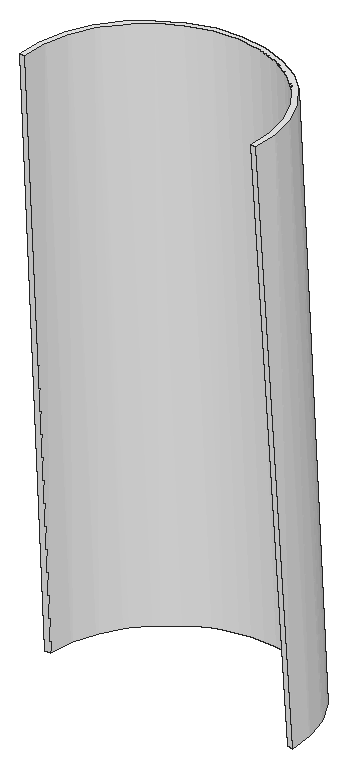
Revit family "Deca_Misturador monocomando de mesa bica baixa para lavatório_Monoc. Level_2875.26", category Plumbing Fixtures, host Face, Revit 2019
Family settings
  Host = Face
  Round Connector Dimension = Use Radius
  Part Type = Normal
  Cut with Voids When Loaded = No
  Shared = No
  Room Calculation Point = No
Parameters (values of type "2875.GL26.RD_Red Gold")
  WFU = 0
  Vazão na Pressão mín. (L/min) = "8 l/min"
  Vazão na Pressão máx. (L/min) = "12 l/min"
  URL = "www.deca.com.br"
  Tipo de rosca de saída = "-"
  Tipo de rosca de entrada = "BSP NBR 8133"
  Tipo de mecanismo utilizado = "Cartucho Monocomando"
  Tipo de dispositivo economizador = "Sim"
  Segmento = "Banheiro Competitivo"
  Saída de Esgoto = "-"
  Raio Água Quente = 7.5 mm  # constant formula
  Raio Água Fria = 7.5 mm  # constant formula
  Pressão mín. funcionamento = "2 MCA"
  Pressão mín. Aquec. Passagem = "10 MCA"
  Pressão mín. Aquec. Acúmulo = "2 MCA"
  Pressão máx. funcionamento = "40 MCA"
  Peso Líquido (Kg) = 2.555
  Norma = "NBR16749"
  Model = "2875.GL26.RD"
  Material = Deca_Red Gold
  Manufacturer = "Deca"
  Linha = "Monoc. Level"
  Itens de Instalação = "-"
  Informações Complementares = "-"
  HWFU = 0
  Diâmetro Água Quente = 2 * Raio Água Quente  # 15 mm
  Diâmetro Água Fria = 2 * Raio Água Fria  # 15 mm
  Description = "Misturador monocomando de mesa bica baixa para lavatório"
  Default Elevation = 0 mm
  Código Pai = "2875.26"
  Criado por = "quattroD"
  Cores Componente = "-"
  Cor Secundária = "-"
  Cor Principal = "Red Gold"
  Cor Interna = "-"
  Consumo = "-"
  Composição Componente = "-"
  Composição Básica = "Liga de Cobre (bronze e latão),Plásticos de Engenharia,Elastômeros"
  Composição Assento = "-"
  Composição Anel Vedação = "-"
  Categoria = "METAIS PARA BANHEIRO"
  CWFU = 0
  Atendimento ao Cliente = "0800-0117073"
  Assembly Code = ""
  Aprovado por = "quattroD"
  Acompanha o Produto = "Acompanha Deca confort + Ligação Flexivel"
Types (3, lengths in mm): name | Peso Líquido (Kg) | Model | Material | Cor Principal
  2875.C26_Cromado | 2.066 | "2875.C26" | Deca_Cromado | "Cromado"
  2875.BL26.NO_Black Noir | 2.555 | "2875.BL26.NO" | Deca_Black Noir | "Black Noir"
  2875.GL26.RD_Red Gold | 2.555 | "2875.GL26.RD" | Deca_Red Gold | "Red Gold"
Reference planes
  plane 1 "Center (Front/Back)": y = -0.597
  plane 2: z = 0
  plane 3 "Center (Left/Right)": x = 1.003
  plane 4: y = 24.002
Forms (mm)
  Blend 1, solid, material "Deca_Red Gold" <- "Material"
    base sketch origin (1.011, 0, 0) x (1, 0, 0) y (0, 1, 0)
      loop
        line (-24.006, -0.005) -> (-23.006, -0.005)
        arc (-23.006, -0.005) -> (-0.008, 22.993) -> (22.989, -0.005) r 22.998
        line (22.989, -0.005) -> (23.989, -0.005)
        arc (23.989, -0.005) -> (-0.008, 23.993) -> (-24.006, -0.005) r 23.998
    top sketch origin (1.011, 0, 0) x (1, 0, 0) y (0, 1, 0)
      loop
        arc (22.372, -6.922) -> (-0.477, 18.271) -> (-23.427, -6.829) r 23
        line (-23.427, -6.829) -> (-22.423, -6.829)
        arc (-22.423, -6.829) -> (-0.477, 17.271) -> (21.367, -6.922) r 22
        line (21.367, -6.922) -> (22.372, -6.922)
    from 0 to 106.895
Lines and regions (mm)
  Masking region 1
    outline origin (1.003, -4.339, -0.063) x (0, 1, 0) y (0, 0, 1)
      loop
        line (-14.169, 0.063) -> (-20.913, 0.063) -> (-23.02, 40.261)
        spline (-23.02, 40.261) -> (-23.35, 43.401) -> (-23.998, 46.444) -> (-24.912, 49.288) -> (-26.085, 51.985) -> (-27.541, 54.594) -> (-29.235, 57.028) -> (-31.18, 59.299) -> (-33.336, 61.365) -> (-35.646, 63.177) -> (-38.155, 64.771) -> (-40.901, 66.15) -> (-43.807, 67.254)
        spline (-43.807, 67.254) -> (-47.894, 68.548) -> (-52.188, 69.865) -> (-56.752, 71.218) -> (-61.505, 72.579) -> (-66.347, 73.912) -> (-71.143, 75.182) -> (-75.874, 76.384) -> (-80.699, 77.56) -> (-85.55, 78.691) -> (-90.369, 79.765) -> (-95.179, 80.787) -> (-99.943, 81.75)
        line (-99.943, 81.75) -> (-100.717, 82.038) -> (-101.594, 74.522) -> (-125.299, 78.276) -> (-124.586, 85.973)
        arc (-124.586, 85.973) -> (-128.547, 86.534) -> (-132.513, 87.063) r 499.976
        line (-132.513, 87.063) -> (-132.513, 88.234) -> (-132.513, 100.963) -> (-30.399, 100.963)
        spline (-30.399, 100.963) -> (-29.437, 101.029) -> (-28.58, 101.202) -> (-27.823, 101.454) -> (-27.144, 101.765) -> (-26.511, 102.142) -> (-25.904, 102.597) -> (-25.332, 103.133) -> (-24.81, 103.753) -> (-24.355, 104.445) -> (-23.979, 105.187) -> (-23.692, 105.961) -> (-23.505, 106.747)
        line (-23.505, 106.747) -> (-23.273, 108.063) -> (-19.805, 108.063) -> (-19.512, 111.763) -> (-23.206, 111.763) -> (-23.662, 120.463) -> (-24.008, 127.063) -> (-24.26, 131.881) -> (-26.182, 135.564) -> (-92.273, 136.065) -> (-92.273, 141.619) -> (20.291, 141.619) -> (21.418, 120.123) -> (14.624, 117.378)
        spline (14.624, 117.378) -> (15.08, 116.709) -> (15.509, 116.024) -> (15.911, 115.322) -> (16.285, 114.605) -> (16.631, 113.874) -> (16.948, 113.13) -> (17.237, 112.375) -> (17.496, 111.608) -> (17.725, 110.833) -> (17.923, 110.049) -> (18.091, 109.257) -> (18.227, 108.46)
        line (18.227, 108.46) -> (21.728, 108.04) -> (27.387, 0.063) -> (1.961, 0.063) -> (-14.01, 0.063)
  Masking region 2
    outline origin (-591.021, -205.741, 0) x (1, 0, 0) y (0, 1, 0)
      loop
        arc (616.024, 205.743) -> (592.024, 229.743) -> (568.024, 205.743) r 24
        line (568.024, 205.743) -> (568.928, 188.183)
        arc (568.928, 188.183) -> (569.573, 185.183) -> (569.886, 182.131) r 28.036
        line (569.886, 182.131) -> (571.59, 152.179) -> (572.492, 135.918) -> (573.425, 119.239) -> (573.865, 111.266) -> (574.955, 90.456) -> (575.925, 73.064)
        arc (575.925, 73.064) -> (592.021, 69.741) -> (608.118, 73.064) r 40.643
        line (608.118, 73.064) -> (609.087, 90.456) -> (610.177, 111.266) -> (610.618, 119.239) -> (611.55, 135.918) -> (612.453, 152.179) -> (614.156, 182.131)
        arc (614.156, 182.131) -> (614.485, 185.181) -> (615.12, 188.183) r 30.35
        line (615.12, 188.183) -> (616.024, 205.743)
  Masking region 3
    outline origin (-689.064, -0.597, -489.066) x (1, 0, 0) y (0, 0, 1)
      loop
        line (667.177, 596.166) -> (665.691, 489.066) -> (666.595, 489.066) -> (712.787, 489.066) -> (713.691, 489.066) -> (712.205, 596.166)
        arc (712.205, 596.166) -> (711.912, 596.873) -> (711.205, 597.166) r 1
        line (711.205, 597.166) -> (710.062, 597.166)
        arc (710.062, 597.166) -> (710.006, 598.67) -> (709.836, 600.166) r 20
        line (709.836, 600.166) -> (711.808, 600.166)
        arc (711.808, 600.166) -> (712.42, 600.492) -> (712.58, 601.166) r 0.843
        line (712.58, 601.166) -> (712.58, 628.912)
        arc (712.58, 628.912) -> (712.225, 629.456) -> (711.61, 629.666) r 1.001
        line (711.61, 629.666) -> (704.068, 629.666) -> (676.086, 629.666) -> (668.544, 629.666)
        arc (668.544, 629.666) -> (667.836, 629.373) -> (667.543, 628.665) r 1.001
        line (667.543, 628.665) -> (667.543, 600.848)
        arc (667.543, 600.848) -> (667.813, 600.376) -> (668.315, 600.166) r 0.843
        line (668.315, 600.166) -> (670.289, 600.166)
        arc (670.289, 600.166) -> (670.119, 598.67) -> (670.062, 597.166) r 20
        line (670.062, 597.166) -> (668.177, 597.166)
        arc (668.177, 597.166) -> (667.47, 596.873) -> (667.177, 596.166) r 1
  symbolic lines
    curve 1: line (1.003, 10.223, 117.315) -> (1.003, 13.826, 108.397)
    curve 2: line (1.003, -23.912, 111.7) -> (1.003, -24.174, 108.397)
    curve 3: line (1.003, -27.421, 40.198) -> (1.003, -48.207, 67.191)
    curve 4: line (1.003, -48.207, 67.191) -> (1.003, -104.344, 81.687)
    curve 5: arc (1.003, -136.914, 87) -> (1.003, -132.948, 86.471) -> (1.003, -128.987, 85.91) r 499.976
    curve 6: line (1.003, -34.799, 100.9) -> (1.003, -27.906, 106.684)
    curve 7: line (1.003, -23.635, 108) -> (1.003, -27.506, 108)
    curve 8: line (1.003, 17.136, 108) -> (1.003, -1.854, 108)
    curve 9: line (1.003, -136.914, 100.9) -> (1.003, -136.914, 88.171)
    curve 10: line (1.003, -104.344, 81.687) -> (1.003, -128.987, 85.91)
    curve 11: line (1.003, 22.986, 0) -> (1.003, -2.44, 0)
    curve 12: line (1.003, -18.569, 0) -> (1.003, -25.314, 0)
    curve 13: spline (1.003, -4.164, 111.7) -> (1.003, -4.545, 111.7) -> (1.003, -5.666, 111.7) -> (1.003, -7.452, 111.7) -> (1.003, -9.788, 111.7) -> (1.003, -12.522, 111.7) -> (1.003, -15.476, 111.7) -> (1.003, -18.457, 111.7) -> (1.003, -21.272, 111.7) -> (1.003, -23.737, 111.7) -> (1.003, -25.693, 111.7) -> (1.003, -27.011, 111.7) -> (1.003, -27.607, 111.7)
    curve 14: line (1.003, -8.495, 140.301) -> (1.003, 15.89, 141.556)
    curve 15: line (1.003, -28.661, 131.818) -> (1.003, -30.583, 135.501)
    curve 16: line (1.003, -28.063, 120.4) -> (1.003, -28.409, 127)
    curve 17: line (1.003, -8.495, 140.301) -> (1.003, -9.507, 140.31)
    curve 18: line (1.003, -9.507, 140.31) -> (1.003, -96.674, 141.001)
    curve 19: line (1.003, -30.281, 135.498) -> (1.003, -24.584, 130.457)
    curve 20: line (1.003, -30.281, 135.498) -> (1.003, -96.674, 136.002)
    curve 21: line (1.003, -30.583, 135.501) -> (1.003, -28.661, 131.818)
    curve 22: arc (1.003, -28.604, 119.2) -> (1.003, -30.104, 123.7) -> (1.003, -28.604, 128.2) r 7.5
    curve 23: line (1.003, -27.421, 40.198) -> (1.003, -25.314, 0)
    curve 24: line (1.003, 22.986, 0) -> (1.003, 17.336, 107.81)
    curve 25: line (1.003, -136.914, 100.9) -> (1.003, -34.799, 100.9)
    curve 26: line (1.003, -27.703, 107.835) -> (1.003, -27.906, 106.684)
    curve 27: line (1.003, -23.635, 108) -> (1.003, -1.854, 108)
    curve 28: line (1.003, -136.914, 88.171) -> (1.003, -136.914, 87)
    curve 29: line (1.003, -2.44, 0) -> (1.003, -18.411, 0)
    curve 30: line (1.003, -96.674, 141.556) -> (1.003, 15.89, 141.556)
    curve 31: line (1.003, 15.89, 141.556) -> (1.003, 17.017, 120.06)
    curve 32: line (1.003, 17.017, 120.06) -> (1.003, -4.076, 111.537)
    curve 33: line (1.003, -27.607, 111.7) -> (1.003, -28.063, 120.4)
    curve 34: line (1.003, -96.674, 136.002) -> (1.003, -96.674, 141.001)
    curve 35: line (1.003, -23.601, 111.7) -> (1.003, -24.584, 130.457)
    curve 36: line (1.003, -28.409, 127) -> (1.003, -28.661, 131.818)
    curve 37: line (1.003, -28.604, 119.2) -> (1.003, -28.604, 128.2)
    curve 38: line (1.003, -129.401, 78.455) -> (1.003, -128.712, 78.057)
    curve 39: line (1.003, -128.712, 78.057) -> (1.003, -106.983, 74.615)
    curve 40: line (1.003, -106.983, 74.615) -> (1.003, -106.204, 74.781)
    curve 41: line (1.003, -125.908, 86.117) -> (1.003, -107.572, 83.213)
    curve 42: line (1.003, -105.892, 75.109) -> (1.003, -104.812, 81.927)
    curve 43: line (1.003, -129.597, 78.864) -> (1.003, -128.474, 85.952)
    curve 44: line (1.003, -23.818, 107.84) -> (1.003, -24.277, 106.027)
    curve 45: line (1.003, -24.277, 106.027) -> (1.003, -34.799, 98.189)
    curve 46: line (1.003, -83.977, 99.022) -> (1.003, -133.157, 99.633)
    curve 47: line (1.003, -59.388, 98.628) -> (1.003, -83.977, 99.022)
    curve 48: line (1.003, -34.799, 98.189) -> (1.003, -59.388, 98.628)
    curve 49: line (1.003, -133.157, 99.633) -> (1.003, -136.715, 100.206)
    curve 50: line (1.003, -133.168, 99.442) -> (1.003, -133.163, 88.666)
    curve 51: line (1.003, -133.163, 88.666) -> (1.003, -136.914, 88.171)
    curve 52: line (1.003, -20.805, 40.206) -> (1.003, -48.179, 74.339)
    curve 53: line (1.003, -19.705, 20.097) -> (1.003, -20.805, 40.206)
    curve 54: line (1.003, -18.411, 0) -> (1.003, -19.705, 20.097)
    curve 55: line (1.003, -63.977, 77.812) -> (1.003, -133.163, 88.666)
    curve 56: line (1.003, -58.717, 76.626) -> (1.003, -63.977, 77.812)
    curve 57: line (1.003, -48.179, 74.339) -> (1.003, -58.717, 76.626)
    curve 58: arc (25.003, 0.002, 0) -> (1.003, 24.002, 0) -> (-22.997, 0.002, 0) r 24
    curve 59: line (-12.602, -98.305, 0) -> (15.38, -98.305, 0)
    curve 60: arc (15.38, -98.305, 0) -> (16.057, -98.041, 0) -> (16.377, -97.388, 0) r 1
    curve 61: line (16.377, -97.388, 0) -> (23.891, -7.07, 0)
    curve 62: arc (23.891, -7.07, 0) -> (1.417, 15.786, 0) -> (-21.144, -6.983, 0) r 22.519
    curve 63: line (-21.144, -6.983, 0) -> (-13.599, -97.389, 0)
    curve 64: arc (-13.599, -97.389, 0) -> (-13.279, -98.041, 0) -> (-12.602, -98.305, 0) r 1
    curve 65: line (-22.093, -17.558, 0) -> (-22.997, 0.002, 0)
    curve 66: line (25.003, 0.002, 0) -> (24.099, -17.558, 0)
    curve 67: arc (-22.093, -17.558, 0) -> (-21.448, -20.557, 0) -> (-21.134, -23.61, 0) r 28.036
    curve 68: line (-21.134, -23.61, 0) -> (-19.431, -53.561, 0)
    curve 69: line (-19.431, -53.561, 0) -> (-18.529, -69.823, 0)
    curve 70: line (-18.529, -69.823, 0) -> (-17.596, -86.502, 0)
    curve 71: line (-17.596, -86.502, 0) -> (-17.156, -94.475, 0)
    curve 72: line (-17.156, -94.475, 0) -> (-16.065, -115.284, 0)
    curve 73: line (-16.065, -115.284, 0) -> (-15.096, -132.676, 0)
    curve 74: arc (15.6, -97.388, 0) -> (15.28, -98.041, 0) -> (14.603, -98.305, 0) r 1
    curve 75: line (23.135, -23.61, 0) -> (21.432, -53.561, 0)
    curve 76: line (21.432, -53.561, 0) -> (20.53, -69.823, 0)
    curve 77: line (20.53, -69.823, 0) -> (19.597, -86.502, 0)
    curve 78: line (19.597, -86.502, 0) -> (19.157, -94.475, 0)
    curve 79: line (19.157, -94.475, 0) -> (18.066, -115.284, 0)
    curve 80: line (18.066, -115.284, 0) -> (17.097, -132.676, 0)
    curve 81: arc (24.099, -17.558, 0) -> (23.464, -20.559, 0) -> (23.135, -23.61, 0) r 30.35
    curve 82: arc (-15.096, -132.676, 0) -> (1, -136, 0) -> (17.097, -132.676, 0) r 40.643
    curve 83: line (-21.887, -0.597, 107.1) -> (-23.373, -0.597, 0)
    curve 84: line (-23.373, -0.597, 0) -> (-22.493, -0.597, 0)
    curve 85: line (-22.493, -0.597, 0) -> (23.723, -0.597, 0)
    curve 86: line (23.723, -0.597, 0) -> (24.627, -0.597, 0)
    curve 87: line (24.627, -0.597, 0) -> (23.141, -0.597, 107.1)
    curve 88: line (21.142, -0.597, 108.1) -> (6.034, -0.597, 108.1)
    curve 89: line (6.034, -0.597, 108.1) -> (-4.779, -0.597, 108.1)
    curve 90: line (-4.779, -0.597, 108.1) -> (-19.888, -0.597, 108.1)
    curve 91: line (-19.888, -0.597, 108.1) -> (-20.887, -0.597, 108.1)
    curve 92: arc (-20.887, -0.597, 108.1) -> (-21.594, -0.597, 107.807) -> (-21.887, -0.597, 107.1) r 1
    curve 93: line (21.142, -0.597, 108.1) -> (22.141, -0.597, 108.1)
    curve 94: arc (22.141, -0.597, 108.1) -> (22.848, -0.597, 107.807) -> (23.141, -0.597, 107.1) r 1
    curve 95: spline (-15.472, -0.597, 88.718) -> (-15.461, -0.597, 89.619) -> (-15.45, -0.597, 90.519) -> (-15.439, -0.597, 91.42) -> (-15.428, -0.597, 92.321) -> (-15.417, -0.597, 93.223) -> (-15.405, -0.597, 94.124) -> (-15.394, -0.597, 95.025) -> (-15.383, -0.597, 95.927) -> (-15.372, -0.597, 96.829) -> (-15.361, -0.597, 97.73) -> (-15.35, -0.597, 98.632) -> (-15.339, -0.597, 99.534)
    curve 96: arc (-15.339, -0.597, 99.534) -> (-18.007, -0.597, 98.998) -> (-20.657, -0.597, 98.378) r 87.7
    curve 97: arc (21.911, -0.597, 98.378) -> (19.261, -0.597, 98.998) -> (16.593, -0.597, 99.534) r 87.7
    curve 98: spline (16.593, -0.597, 99.534) -> (16.604, -0.597, 98.609) -> (16.616, -0.597, 97.683) -> (16.627, -0.597, 96.758) -> (16.639, -0.597, 95.832) -> (16.65, -0.597, 94.907) -> (16.662, -0.597, 93.982) -> (16.673, -0.597, 93.057) -> (16.684, -0.597, 92.133) -> (16.696, -0.597, 91.208) -> (16.707, -0.597, 90.284) -> (16.719, -0.597, 89.359) -> (16.73, -0.597, 88.435)
    curve 99: arc (-15.339, -0.597, 99.534) -> (0.627, -0.597, 101.031) -> (16.593, -0.597, 99.534) r 85.93
    curve 100: arc (21.911, -0.597, 98.378) -> (22.183, -0.597, 102.713) -> (22.111, -0.597, 107.056) r 54.848
    curve 101: arc (22.111, -0.597, 107.056) -> (21.763, -0.597, 107.801) -> (20.998, -0.597, 108.1) r 1.106
    curve 102: arc (-20.857, -0.597, 107.056) -> (-20.509, -0.597, 107.801) -> (-19.744, -0.597, 108.1) r 1.106
    curve 103: arc (-20.657, -0.597, 98.378) -> (-20.929, -0.597, 102.713) -> (-20.857, -0.597, 107.056) r 54.848
    curve 104: arc (-15.472, -0.597, 88.718) -> (0.615, -0.597, 87.03) -> (16.73, -0.597, 88.435) r 84.574
    curve 105: line (-20.749, -0.597, 111.1) -> (22.744, -0.597, 111.1)
    curve 106: line (23.516, -0.597, 139.846) -> (23.516, -0.597, 112.1)
    curve 107: line (-21.521, -0.597, 111.782) -> (-21.521, -0.597, 139.599)
    curve 108: line (15.004, -0.597, 140.6) -> (-12.978, -0.597, 140.6)
    curve 109: line (22.546, -0.597, 140.6) -> (15.004, -0.597, 140.6)
    curve 110: line (-12.978, -0.597, 140.6) -> (-20.52, -0.597, 140.6)
    curve 111: arc (-20.52, -0.597, 140.6) -> (-21.228, -0.597, 140.307) -> (-21.521, -0.597, 139.599) r 1.001
    curve 112: arc (22.546, -0.597, 140.6) -> (23.161, -0.597, 140.389) -> (23.516, -0.597, 139.846) r 1.001
    curve 113: arc (23.516, -0.597, 112.1) -> (23.356, -0.597, 111.426) -> (22.744, -0.597, 111.1) r 0.843
    curve 114: arc (-21.521, -0.597, 112.1) -> (-21.36, -0.597, 111.426) -> (-20.749, -0.597, 111.1) r 0.843
    curve 115: arc (-19.002, -0.597, 108.1) -> (-18.945, -0.597, 109.604) -> (-18.775, -0.597, 111.1) r 20
    curve 116: arc (20.772, -0.597, 111.1) -> (20.942, -0.597, 109.604) -> (20.998, -0.597, 108.1) r 20
    curve 117: arc (16.73, -0.597, 88.435) -> (18.884, -0.597, 78.67) -> (21.088, -0.597, 68.916) r 1952.731
    curve 118: arc (21.088, -0.597, 68.916) -> (22.094, -0.597, 63.171) -> (22.507, -0.597, 57.354) r 56.869
    curve 119: arc (22.507, -0.597, 57.354) -> (23.04, -0.597, 45.593) -> (23.17, -0.597, 33.821) r 345.054
    curve 120: arc (23.17, -0.597, 33.821) -> (23.517, -0.597, 16.912) -> (23.723, -0.597, 0) r 2032.965
    curve 121: arc (-15.499, -0.597, 88.435) -> (-17.653, -0.597, 78.67) -> (-19.857, -0.597, 68.916) r 1952.731
    curve 122: arc (-19.857, -0.597, 68.916) -> (-20.864, -0.597, 63.171) -> (-21.277, -0.597, 57.354) r 56.869
    curve 123: arc (-21.277, -0.597, 57.354) -> (-21.809, -0.597, 45.593) -> (-21.94, -0.597, 33.821) r 345.054
    curve 124: arc (-21.94, -0.597, 33.821) -> (-22.286, -0.597, 16.912) -> (-22.493, -0.597, 0) r 2032.965
    curve 125: line (-18.349, -0.597, 135.1) -> (-12.978, -0.597, 135.1)
    curve 126: line (-12.978, -0.597, 135.1) -> (15.004, -0.597, 135.1)
    curve 127: line (15.004, -0.597, 135.1) -> (20.376, -0.597, 135.1)
    curve 128: arc (21.656, -0.597, 136.38) -> (21.281, -0.597, 135.475) -> (20.376, -0.597, 135.1) r 1.28
    curve 129: arc (-19.63, -0.597, 136.38) -> (-19.255, -0.597, 135.475) -> (-18.349, -0.597, 135.1) r 1.28
    curve 130: arc (-2.826, -0.597, 124.095) -> (1.003, -0.597, 127.923) -> (4.832, -0.597, 124.095) r 3.829
    curve 131: arc (-2.826, -0.597, 124.095) -> (1.003, -0.597, 120.266) -> (4.832, -0.597, 124.095) r 3.829
    curve 132: spline (-10.737, -0.597, 75.198) -> (-10.331, -0.597, 74.288) -> (-9.138, -0.597, 73.441) -> (-7.242, -0.597, 72.713) -> (-4.77, -0.597, 72.155) -> (-1.891, -0.597, 71.804) -> (1.198, -0.597, 71.684) -> (4.287, -0.597, 71.804) -> (7.166, -0.597, 72.155) -> (9.638, -0.597, 72.713) -> (11.534, -0.597, 73.441) -> (12.727, -0.597, 74.288) -> (13.134, -0.597, 75.198) -> (12.727, -0.597, 76.107) -> (11.534, -0.597, 76.955) -> (9.638, -0.597, 77.683) -> (7.166, -0.597, 78.241) -> (4.287, -0.597, 78.592) -> (1.198, -0.597, 78.712) -> (-1.891, -0.597, 78.592) -> (-4.77, -0.597, 78.241) -> (-7.242, -0.597, 77.683) -> (-9.138, -0.597, 76.955) -> (-10.331, -0.597, 76.107) -> (-10.737, -0.597, 75.198)
    curve 133: line (-10.737, -0.597, 75.198) -> (-10.737, -0.597, 83.394)
    curve 134: line (13.134, -0.597, 75.198) -> (13.134, -0.597, 83.394)
    curve 135: arc (-10.737, -0.597, 83.394) -> (-9.134, -0.597, 84.302) -> (-7.323, -0.597, 84.637) r 5.568
    curve 136: arc (13.134, -0.597, 83.394) -> (11.53, -0.597, 84.302) -> (9.719, -0.597, 84.637) r 5.568
    curve 137: arc (9.719, -0.597, 84.637) -> (1.198, -0.597, 85.076) -> (-7.323, -0.597, 84.637) r 82.968
    curve 138: line (-2.19, -0.597, 0) -> (1.003, -0.597, 0)
Dimensions and locks
  aligned and locked: host face to plane 2
  aligned and locked: level to host face
Connectors
  piping at (-9.672, -0.596, 0), diameter 15, driven by "Raio Água Quente"
    settings: on free form element, index 1, connector inside diameter 24", connector length 0 mm, flow factor 0, pipe flow 0 GPM, pressure drop 0.00 psi, fitting loss kfactor 0, connector angle 0.00°, fixture units 0, engagement length 0 mm, angle of deflection 0.00°, flow configuration 3, flow direction 1, fitting loss method 4, system type 19, joint type 0, gender type 0, connector reference index -1, connector utility 0, adjustable connector no, is connector primary yes, connector description ""
  piping at (11.677, -0.596, 0), diameter 15, driven by "Raio Água Fria"
    settings: on free form element, index 2, connector inside diameter 24", connector length 0 mm, flow factor 0, pipe flow 0 GPM, pressure drop 0.00 psi, fitting loss kfactor 0, connector angle 0.00°, fixture units 0, engagement length 0 mm, angle of deflection 0.00°, flow configuration 3, flow direction 1, fitting loss method 4, system type 20, joint type 0, gender type 0, connector reference index -1, connector utility 0, adjustable connector no, is connector primary no, connector description ""
